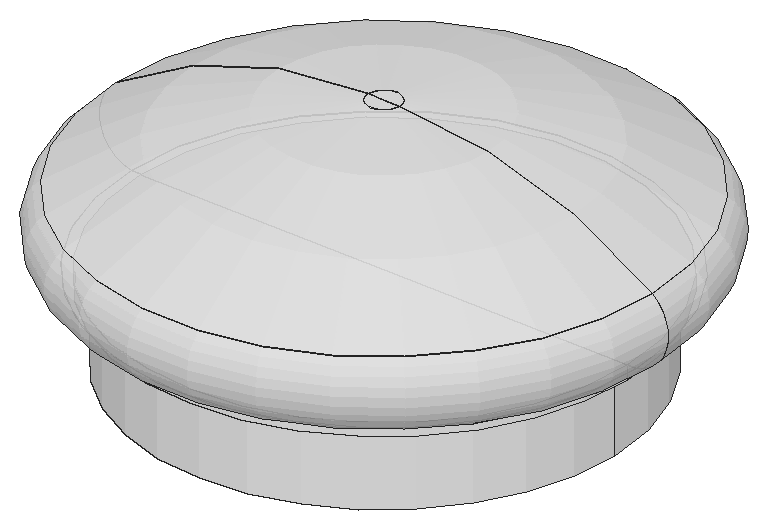
Revit family "0043280 Sylvania Lighting Fixture SYLCIRCLE 6W 3000K", category Lighting Fixtures, host Face, Revit 2016
Family settings
  Host = Face
  Part Type = Normal
  Round Connector Dimension = Use Diameter
  OmniClass Number = 23.80.70.11.17
  OmniClass Title = Specialized Lighting by Location or Use
  Cut with Voids When Loaded = No
  Light Source = Yes
  Shared = No
  Room Calculation Point = No
Parameters (values of type "0043280 SYLCIRCLE 6W 3000K")
  Weight = "1.254 kg"
  WarrantyStartDate [instance] = "n/a"
  WarrantyGuarantorParts = "n/a"
  WarrantyDurationUnit = "n/a"
  WarrantyDurationParts = "n/a"
  WarrantyDescription = "n/a"
  Voltage = 230 V
  TypeName = "SYLCIRCLE 6W 3000K"
  SerialNumber [instance] = "n/a"
  Radius_FEILO = 90.0 mm
  Wattage = 6 W
  built-in parameter 1150110 = 1 (stored number, unit not read)
  URL = "http://www.sylvania-lighting.com"
  built-in parameter 1114217 = 1 (stored number, unit not read)
  Tilt Angle = -90°
  built-in parameter 1150109 = 1 (stored number, unit not read)
  built-in parameter 1150134 = (empty or 0)
  built-in parameter 1150113 = 1 (stored number, unit not read)
  PowerFactor = 0.8
  PowerConsumption = "6 W"
  Photometric Web File = "0043280.ies"
  NominalWidth = 0.0 mm
  NominalLength = 180.0 mm
  NominalHeight = 75.0 mm
  Name = "SYLCIRCLE 6W 3000K"
  ModelReference = "SYLCIRCLE 6W 3000K"
  ModelNumber = "0043280"
  Material_4_FEILO = none
  Material_3_FEILO = Polycarbonate_Sylvania_Sylcircle_Opal
  Material_2_FEILO = Metal_Sylvania_Sylcircle_White
  Material_1_FEILO = none
  Material = "aluminium housing, polycarbonate diffuser"
  ManufacturerName = "Feilo Sylvania"
  LuminousEfficacy = "83 lm/W"
  LuminaireType = ""
  LightOutputRatio = "n/a"
  LampsType = Lamp  # "LED"
  LampNominalLuminous = "500 lm"
  LampMacAdamStep = "6"
  LampColourTemperature = "3000 K"
  LampColourRenderingIndex = "80"
  Keynote = "16500"
  InstallationDate [instance] = "n/a"
  InputVoltage = "220-240V~"
  InputNominalFrequency = "50 Hz"
  IngressProtection = "IP44"
  ImpactProtectionIndex = "IK03"
  IfcExportType = "IfcLightFixtureType"
  IfcExportAs = "IfcLightFixtureType"
  Height_FEILO = 75.0 mm
  ExpectedLife = 50000
  ElectricShockClassification = "Class I"
  DurationUnit = "hours"
  DocumentationLiterature = "http://www.sylvania-lighting.com/product/en-int/products/0043280"
  DimmingControlOptions = "Non dimmable"
  Diameter_FEILO = 2 * Radius_FEILO  # 180.0 mm
  CreatedOn = "5/25/2018"
  CreatedBy = "aron.fodor@sylvania-lighting.com"
  built-in parameter 1114216 [instance] = 1 (stored number, unit not read)
  Model = "SYLCIRCLE 6W 3000K"
  Manufacturer = "Feilo Sylvania"
  built-in parameter 1150105 = 133.79 (stored number, unit not read)
  Lumens = 498 lm
  built-in parameter 1150115 = 1 (stored number, unit not read)
  built-in parameter 1150137 = (empty or 0)
  built-in parameter 1150139 = (empty or 0)
  built-in parameter 1150112 = 1 (stored number, unit not read)
  built-in parameter 1150114 = 1 (stored number, unit not read)
  Lamp = "LED"
  built-in parameter 1150132 = 2
  built-in parameter 1150102 = (empty or 0)
  built-in parameter 1150107 = 3000 (stored number, unit not read)
  built-in parameter 1150138 = (empty or 0)
  built-in parameter 1150106 = 1.3379 (stored number, unit not read)
  built-in parameter 1150104 = 7.711 (stored number, unit not read)
  Dimming Lamp Color Temperature Shift = <None>
  Description = "Ceiling / wall luminaire with integrated LED  Perfect solution for hallways, circulation spaces or foyer.   Even and uniform light distribution with a halo lighting effect on the wall surface    6W 500 lumens Supplied with LED driver (non-dimmable)    IK03 PMMA diffuser   Low maintenance with 30,000 hours LED life expectancy"
  Default Elevation = 0.0 mm
  Color Filter = 16777215
  built-in parameter 1140040 [instance] = 1
  BarCode [instance] = "n/a"
  built-in parameter 1114218 = 1 (stored number, unit not read)
  built-in parameter 1150133 = 10 (stored number, unit not read)
  AssetType = "Fixed"
  AssetIdentifier [instance] = "n/a"
  Assembly Code = "D5020200"
  Apparent Load = 6 VA
Reference planes
  plane 1 "Center (Front/Back)": y = 0
  plane 2: z = 0
  plane 3 "Center (Left/Right)": x = 0
  plane 4: x = 90
  plane 5: z = 23
  plane 6 "Housing Bottom": z = 27
  plane 7: z = 50
  plane 8 "Fixture Bottom": z = 75
  plane 9: x = 85
  plane 10: x = 80
  plane 11: x = 77
  plane 12: x = 73
Forms (mm)
  Revolve 1, solid, material "Polycarbonate_Sylvania_Sylcircle_Opal" <- "Material_3_FEILO", detail levels fine
    sketch origin (0, 0, 0) x (1, 0, 0) y (0, 0, 1)
      loop
        line (0, 75) -> (0, 27) -> (79.962, 27)
        arc (79.962, 27) -> (89.736, 36.911) -> (85, 50) r 13.044
        arc (85, 50) -> (46.908, 68.604) -> (5, 75) r 140.5
        line (5, 75) -> (0, 75)
      axis (0, 75) -> (0, 27)
    angle from 0 to 360
  Revolve 2, solid, material "Metal_Sylvania_Sylcircle_White" <- "Material_2_FEILO", detail levels fine
    sketch origin (0, 0, 0) x (1, 0, 0) y (0, 0, 1)
      loop
        line (77, 27) -> (0, 27) -> (0, 0) -> (73, 0) -> (73, 23) -> (77, 23) -> (77, 27)
      axis (0, 27) -> (0, 0)
    angle from 0 to 360
  Revolve 3, solid, material "Metal_Sylvania_Sylcircle_White" <- "Material_2_FEILO", detail levels coarse+medium
    sketch origin (0, 0, 0) x (1, 0, 0) y (0, 0, 1)
      loop
        line (0, 75) -> (0, 0) -> (73, 0) -> (73, 23) -> (77, 23) -> (77, 27) -> (79.962, 27)
        arc (79.962, 27) -> (89.736, 36.911) -> (85, 50) r 13.044
        arc (85, 50) -> (46.908, 68.604) -> (5, 75) r 140.5
        line (5, 75) -> (0, 75)
      axis (0, 75) -> (0, 0)
    angle from 0 to 360
Dimensions and locks
  "Height_FEILO": plane 8 "Fixture Bottom" to plane 2
  "Radius_FEILO": plane 4 to plane 3 "Center (Left/Right)"
  plane 6 "Housing Bottom" to plane 5 to plane 2 = 4.0 mm locked, 23.0 mm locked
  plane 4 to plane 9 to plane 10 to plane 11 to plane 12 = 5.0 mm locked, 5.0 mm locked, 3.0 mm locked, 4.0 mm locked
  aligned and locked: plane 2 to host face
  aligned and locked: level to host face
  aligned and locked: plane 1 "Center (Front/Back)" to imposter light
  aligned and locked: plane 3 "Center (Left/Right)" to imposter light
  aligned and locked: Revolve 1 sketch curve to plane 3 "Center (Left/Right)"
  aligned and locked: plane 6 "Housing Bottom" to Revolve 1 sketch curve  (x2)
  aligned and locked: Revolve 1 sketch curve to plane 8 "Fixture Bottom"
  aligned and locked: plane 9 to Revolve 1 sketch curve
  aligned and locked: Revolve 2 sketch curve to plane 6 "Housing Bottom"
  aligned and locked: Revolve 2 sketch curve to plane 11
  aligned and locked: Revolve 2 sketch curve to plane 5
  aligned and locked: Revolve 2 sketch curve to plane 12
  aligned and locked: Revolve 2 sketch curve to plane 2
  aligned and locked: Revolve 2 sketch curve to plane 3 "Center (Left/Right)"  (x2)
  aligned and locked: plane 8 "Fixture Bottom" to imposter light
  aligned and locked: plane 9 to Revolve 3 sketch curve
  aligned and locked: plane 6 "Housing Bottom" to Revolve 3 sketch curve
  aligned and locked: plane 7 to Revolve 3 sketch curve
  aligned and locked: Revolve 3 sketch curve to imposter light
  aligned and locked: Revolve 3 sketch curve to plane 11
  aligned and locked: Revolve 3 sketch curve to plane 2
  aligned and locked: Revolve 3 sketch curve to plane 5
  aligned and locked: Revolve 3 sketch curve to plane 12
Automatic sketch dimensions
  host sketch curve to host sketch curve = 1305.563 mm
  host sketch curve to host sketch curve = 1283.632 mm
  Revolve 1 sketch curve to plane 3 "Center (Left/Right)" = 0.0 mm
  Revolve 1 sketch curve to plane 7 = 0.0 mm
  Revolve 1 sketch curve to plane 10 = 0.038 mm
  plane 3 "Center (Left/Right)" to Revolve 1 sketch curve = 5.0 mm
  Revolve 1 sketch curve to plane 10 = 3.007 mm
  Revolve 1 sketch curve to Revolve 1 sketch curve = 234.06 mm
  Revolve 1 sketch curve to Revolve 1 sketch curve = 2559.943 mm
  Revolve 2 sketch curve to level = 372.274 mm
  plane 8 "Fixture Bottom" to Revolve 2 sketch curve = 2559.943 mm
  Revolve 3 sketch curve to plane 3 "Center (Left/Right)" = 0.0 mm  (x2)
  plane 3 "Center (Left/Right)" to Revolve 3 sketch curve = 5.0 mm
  Revolve 3 sketch curve to plane 10 = 0.038 mm
  Revolve 3 sketch curve to plane 11 = 0.007 mm
  Revolve 3 sketch curve to Revolve 3 sketch curve = 234.06 mm
  Revolve 3 sketch curve to Revolve 3 sketch curve = 2559.943 mm
Connectors
  electrical at (0, 0, 0), driven by "Apparent Load", driven by "Voltage", driven by "PowerFactor"
    settings: on Revolve 2, index 1, voltage 230 V, apparent load 0 VA, apparent load phase1 6 VA, apparent load phase2 0 VA, apparent load phase3 0 VA, power factor 0.8, load classification "Lighting", number of poles 1, system type 31, power factor state 1, is connector primary yes, connector utility no, sub classification motor no, connector description ""
